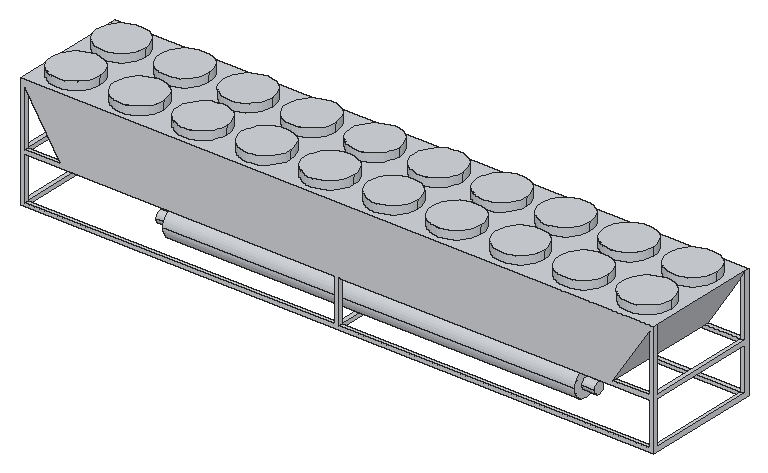
Revit family "9620c962552b4e1d903120876a5ca861", category Mechanical Equipment, Revit 2021
Family settings
  Round Connector Dimension = Use Radius
  Part Type = Normal
  OmniClass Number = 23.75.10.24.21.21.21
  OmniClass Title = Rotary-Screw Water Chillers
  Seek Item ID = Screw Chiller - Air Cooled - 400-500 Tons-0000-USA-ENU
  Work Plane-Based = No
  Always vertical = Yes
  Cut with Voids When Loaded = No
  Shared = No
  Room Calculation Point = No
Parameters (values of type "400 Tons")
  Voltage = 460 V
  Load Classification = Cooling
  Default Elevation = 0' - 0"
  Chilled Water Pressure Drop [instance] = 4.51 psi
  Number of Poles = 3
  Number of Fans = 20
  Length 1 = 8' - 9 179/256"
  Half Number of Fans = Number of Fans / 2  # 10
  Drain Flow [instance] = 0 GPM
  Chilled Water Supply Radius = Chilled Water Supply Diameter / 2  # 4"
  Chilled Water Supply Diameter = 8"
  Chilled Water Return Radius = Chilled Water Return Diameter / 2  # 4"
  Chilled Water Return Diameter = 8"
  Chilled Water Flow [instance] = 918 GPM
  Cold Capacity = 4599376 Btu/h
  Chiller Material = none
  Chiller Length = 39' - 2 7/32"
  C4 Offset 1 = 12' - 7 1/2"
  C2 Offset 3 = 4' - 5 37/128"
  C1 Offset 3 = 31' - 6 243/256"
  C1 Offset 2 = 1' - 5 59/64"
  C1 Offset 1 = 6' - 0 13/128"
  Apparent Load [instance] = 449400 VA
Types (3): name | Chilled Water Pressure Drop | Number of Fans | Length 1 | Half Number of Fans | Chilled Water Flow | Cold Capacity | Chiller Length | C4 Offset 1 | C2 Offset 3 | C1 Offset 3 | C1 Offset 1 | Apparent Load
  (no name) | 4.51 psi | 20 | 8' - 9 179/256" | 10 | 918 GPM | 4599376 Btu/h | 39' - 2 7/32" | 12' - 7 1/2" | 4' - 5 37/128" | 31' - 6 243/256" | 6' - 0 13/128" | 449400 VA
  400 Tons | 4.51 psi | 20 | 8' - 9 179/256" | 10 | 918 GPM | 4599376 Btu/h | 39' - 2 7/32" | 12' - 7 1/2" | 4' - 5 37/128" | 31' - 6 243/256" | 6' - 0 13/128" | 449400 VA
  450-500 Tons | 5.20 psi | 22 | 12' - 8 179/256" | 11 | 1096 GPM | 5491272.8 Btu/h | 43' - 1 67/256" | 16' - 6 69/128" | 6' - 11 159/256" | 35' - 6" | 6' - 1" | 549200 VA
Reference planes (in)
  plane 1 "Center (Front/Back)": y = 0
  plane 2: z = 0
  plane 3 "Center (Left/Right)": x = 0
  plane 4: y = -88.03906
  plane 5: x = 470.21875
  plane 6: z = 90.55078
  plane 7: x = 235.10938
  plane 8: y = -3
  plane 9: x = 467.21875
  plane 10: y = -85.03906
  plane 11: x = 3
  plane 12: x = 233.60938
  plane 13: x = 236.60938
  plane 14: z = 3
  plane 15: z = 35
  plane 16: z = 38
  plane 17: z = 84.55078
  plane 18: x = 30
  plane 19: x = 440.21875
  plane 20: x = 223.10938
  plane 21: x = 247.10938
  plane 22: x = 282.10938
  plane 23: x = 188.10938
  plane 24: z = 17.92187
  plane 25: y = -18
  plane 26: y = -72.10156
  plane 27: x = 416.92969
  plane 28: x = 406.92969
  plane 29: x = 91.26953
  plane 30: x = 101.26953
  plane 31: z = 5
  plane 32: x = 105.69922
  plane 33: x = 175.69922
  plane 34: x = 259.69922
  plane 35: x = 339.69922
  plane 36: y = -8
  plane 37: x = 103.26953
  plane 38: z = 6.9329
  plane 39: x = 318.71875
  plane 40: z = 6
  plane 41: x = 23
  plane 42: y = -23
  plane 43: x = 447.21875
Forms (in)
  Extrusion 1, solid, material <- "Chiller Material"
    sketch origin (0, 0, 0) x (1, 0, 0) y (0, 1, 0)
      loop
        line (0, 0) -> (0, -88.03906) -> (470.21875, -88.03906) -> (470.21875, 0) -> (0, 0)
      loop
        line (3, -3) -> (3, -85.03906) -> (233.60938, -85.03906) -> (233.60938, -3) -> (3, -3)
      loop
        line (236.60938, -3) -> (236.60938, -85.03906) -> (467.21875, -85.03906) -> (467.21875, -3) -> (236.60938, -3)
    from 0 to 3
  Extrusion 2, solid, material <- "Chiller Material"
    sketch origin (0, 0, 0) x (1, 0, 0) y (0, 1, 0)
      loop
        line (0, 0) -> (0, -88.03906) -> (470.21875, -88.03906) -> (470.21875, 0) -> (0, 0)
      loop
        line (3, -3) -> (3, -85.03906) -> (233.60938, -85.03906) -> (233.60938, -3) -> (3, -3)
      loop
        line (236.60938, -3) -> (236.60938, -85.03906) -> (467.21875, -85.03906) -> (467.21875, -3) -> (236.60938, -3)
    from 35 to 38
  Extrusion 3, solid, material <- "Chiller Material"
    sketch origin (0, 0, 0) x (1, 0, 0) y (0, 1, 0)
      loop
        line (0, 0) -> (0, -3) -> (3, -3) -> (3, 0) -> (0, 0)
      loop
        line (0, -85.03906) -> (0, -88.03906) -> (3, -88.03906) -> (3, -85.03906) -> (0, -85.03906)
      loop
        line (233.60938, -85.03906) -> (233.60938, -88.03906) -> (236.60938, -88.03906) -> (236.60938, -85.03906) -> (233.60938, -85.03906)
      loop
        line (233.60938, 0) -> (233.60938, -3) -> (236.60938, -3) -> (236.60938, 0) -> (233.60938, 0)
      loop
        line (467.21875, 0) -> (467.21875, -3) -> (470.21875, -3) -> (470.21875, 0) -> (467.21875, 0)
      loop
        line (467.21875, -85.03906) -> (467.21875, -88.03906) -> (470.21875, -88.03906) -> (470.21875, -85.03906) -> (467.21875, -85.03906)
    from 0 to 84.55078
  Extrusion 4, solid, material <- "Chiller Material"
    sketch origin (0, 0, 0) x (1, 0, 0) y (0, 0, 1)
      loop
        line (470.21875, 84.55078) -> (0, 84.55078) -> (30, 38) -> (440.21875, 38) -> (470.21875, 84.55078)
    from 0 to 88.03906
  Extrusion 5, solid, material <- "Chiller Material"
    sketch origin (0, 0, 0) x (0, 1, 0) y (0, 0, 1)
      loop
        circle (-18, 17.92187) r 8
    from 188.10937 to 223.10937
  Extrusion 6, solid, material <- "Chiller Material"
    sketch origin (0, 0, 0) x (0, 1, 0) y (0, 0, 1)
      loop
        circle (-18, 17.92187) r 8
    from 247.10938 to 282.10937
  Extrusion 7, solid, material <- "Chiller Material"
    sketch origin (0, 0, 0) x (0, 1, 0) y (0, 0, 1)
      loop
        circle (-72.10156, 17.92187) r 10
    from 101.26953 to 406.92969
  Extrusion 8, solid, material <- "Chiller Material"
    sketch origin (0, 0, 0) x (0, 1, 0) y (0, 0, 1)
      loop
        circle (-72.10156, 17.92187) r 4
    from 91.26953 to 101.26953
  Extrusion 9, solid, material <- "Chiller Material"
    sketch origin (0, 0, 0) x (0, 1, 0) y (0, 0, 1)
      loop
        circle (-72.10156, 17.92187) r 4
    from 406.92969 to 416.92969
  Extrusion 10, solid, material <- "Chiller Material"
    sketch origin (0, 0, 0) x (1, 0, 0) y (0, 0, 1)
      loop
        line (105.69922, 35) -> (105.69922, 5) -> (175.69922, 5) -> (175.69922, 35) -> (105.69922, 35)
      loop
        line (259.69922, 35) -> (259.69922, 5) -> (339.69922, 5) -> (339.69922, 35) -> (259.69922, 35)
    from 0 to 8
  Extrusion 11, solid, material <- "Chiller Material"
    sketch origin (0, 0, 0) x (1, 0, 0) y (0, 1, 0)
      loop
        circle (103.26953, -72.10156) r 0.1875
    from 6.9329 to 17.92187
  Extrusion 12, solid, material <- "Chiller Material"
    sketch origin (0, 0, 0) x (1, 0, 0) y (0, 0, 1)
      loop
        circle (318.71875, 6) r 0.5
    from 0 to 8
Cuts and joins
  joined: Extrusion 1, Extrusion 2, Extrusion 3, Extrusion 4, Extrusion 5, Extrusion 6, Extrusion 7, Extrusion 8, Extrusion 9, Extrusion 10, Extrusion 11, Extrusion 12
Dimensions and locks (in)
  locked: plane 1 "Center (Front/Back)" to plane 4 at 88.03906
  "Chiller Length": plane 5 to plane 3 "Center (Left/Right)"
  locked: plane 6 to plane 2 at 90.55078
  equal spacing: plane 5, plane 7, plane 3 "Center (Left/Right)"
  locked: plane 3 "Center (Left/Right)" to plane 11 at 3
  locked: plane 1 "Center (Front/Back)" to plane 8 at 3
  locked: plane 4 to plane 10 at 3
  locked: plane 9 to plane 5 at 3
  locked: plane 12 to plane 7 at 1.5
  locked: plane 7 to plane 13 at 1.5
  locked: plane 14 to plane 2 at 3
  locked: plane 15 to plane 2 at 35
  locked: plane 6 to plane 17 at 6
  locked: plane 16 to plane 15 at 3
  locked: plane 18 to plane 3 "Center (Left/Right)" at 30
  locked: plane 5 to plane 19 at 30
  locked: plane 7 to plane 20 at 12
  locked: plane 21 to plane 7 at 12
  locked: plane 22 to plane 21 at 35
  locked: plane 20 to plane 23 at 35
  "C1 Offset 2": plane 24 to plane 2
  locked: plane 25 to plane 8 at 15
  "C1 Offset 1": plane 26 to plane 1 "Center (Front/Back)"
  "C2 Offset 3": plane 27 to plane 5
  locked: plane 28 to plane 27 at 10
  "C1 Offset 3": plane 29 to plane 5
  locked: plane 29 to plane 30 at 10
  locked: plane 31 to plane 14 at 2
  "Length 1": plane 32 to plane 3 "Center (Left/Right)"
  locked: plane 33 to plane 32 at 70
  locked: plane 34 to plane 33 at 84
  locked: plane 35 to plane 34 at 80
  locked: plane 1 "Center (Front/Back)" to plane 36 at 8
  locked: plane 30 to plane 37 at 2
  locked: plane 24 to plane 38 at 10.98897
  "C4 Offset 1": plane 5 to plane 39
  locked: plane 40 to plane 14 at 3
  locked: plane 3 "Center (Left/Right)" to plane 41 at 23
  locked: plane 1 "Center (Front/Back)" to plane 42 at 23
  locked: plane 43 to plane 5 at 23
  equal spacing: group 1, group 3, group 4, group 5, group 6, group 7, group 8, group 9, group 10, group 2  (x3)
  radius of Extrusion 5 sketch curve = 0' - 8"
  radius of Extrusion 6 sketch curve = 0' - 8"
  radius of Extrusion 7 sketch curve = 0' - 10"
  "Chilled Water Supply Radius": radius of Extrusion 8 sketch curve
  "Chilled Water Return Radius": radius of Extrusion 9 sketch curve
  radius of Extrusion 11 sketch curve = 0' - 0 3/16"
  radius of Extrusion 12 sketch curve = 0' - 0 1/2"
  aligned and locked: plane 4 to Extrusion 1 sketch curve
  aligned and locked: plane 3 "Center (Left/Right)" to Extrusion 1 sketch curve
  aligned and locked: plane 1 "Center (Front/Back)" to Extrusion 1 sketch curve
  aligned and locked: Extrusion 1 sketch curve to plane 5
  aligned and locked: Extrusion 1 sketch curve to plane 8  (x2)
  aligned and locked: plane 13 to Extrusion 1 sketch curve
  aligned and locked: Extrusion 1 sketch curve to plane 10  (x2)
  aligned and locked: Extrusion 1 sketch curve to plane 9
  aligned and locked: Extrusion 1 sketch curve to plane 12
  aligned and locked: plane 11 to Extrusion 1 sketch curve
  aligned and locked: Extrusion 1 to plane 2
  aligned and locked: plane 14 to Extrusion 1
  aligned and locked: plane 1 "Center (Front/Back)" to Extrusion 2 sketch curve
  aligned and locked: Extrusion 2 sketch curve to plane 5
  aligned and locked: plane 4 to Extrusion 2 sketch curve
  aligned and locked: plane 3 "Center (Left/Right)" to Extrusion 2 sketch curve
  aligned and locked: Extrusion 2 sketch curve to plane 8  (x2)
  aligned and locked: plane 11 to Extrusion 2 sketch curve
  aligned and locked: Extrusion 2 sketch curve to plane 12
  aligned and locked: plane 13 to Extrusion 2 sketch curve
  aligned and locked: Extrusion 2 sketch curve to plane 9
  aligned and locked: Extrusion 2 sketch curve to plane 10
  aligned and locked: Extrusion 2 to plane 15
  aligned and locked: plane 16 to Extrusion 2
  aligned and locked: plane 8 to Extrusion 3 sketch curve  (x3)
  aligned and locked: plane 1 "Center (Front/Back)" to Extrusion 3 sketch curve  (x3)
  aligned and locked: Extrusion 3 sketch curve to plane 5  (x2)
  aligned and locked: plane 9 to Extrusion 3 sketch curve  (x2)
  aligned and locked: Extrusion 3 sketch curve to plane 13  (x2)
  aligned and locked: plane 12 to Extrusion 3 sketch curve  (x2)
  aligned and locked: Extrusion 3 sketch curve to plane 11  (x2)
  aligned and locked: plane 3 "Center (Left/Right)" to Extrusion 3 sketch curve  (x2)
  aligned and locked: plane 4 to Extrusion 3 sketch curve  (x3)
  aligned and locked: plane 10 to Extrusion 3 sketch curve  (x3)
  aligned and locked: Extrusion 3 to plane 2
  aligned and locked: plane 17 to Extrusion 3
  aligned and locked: plane 16 to Extrusion 4 sketch curve  (x2)
  aligned and locked: plane 18 to Extrusion 4 sketch curve
  aligned and locked: plane 17 to Extrusion 4 sketch curve  (x2)
  aligned and locked: plane 5 to Extrusion 4 sketch curve
  aligned and locked: plane 3 "Center (Left/Right)" to Extrusion 4 sketch curve
  aligned and locked: plane 19 to Extrusion 4 sketch curve
  aligned and locked: Extrusion 4 to plane 4
  aligned and locked: Extrusion 4 to plane 1 "Center (Front/Back)"
  aligned and locked: plane 24 to Extrusion 5 sketch curve
  aligned and locked: plane 25 to Extrusion 5 sketch curve
  aligned and locked: plane 20 to Extrusion 5
  aligned and locked: Extrusion 5 to plane 23
  aligned and locked: plane 24 to Extrusion 6 sketch curve
  aligned and locked: plane 25 to Extrusion 6 sketch curve
  aligned and locked: plane 22 to Extrusion 6
  aligned and locked: Extrusion 6 to plane 21
  aligned and locked: plane 24 to Extrusion 7 sketch curve
  aligned and locked: plane 26 to Extrusion 7 sketch curve
  aligned and locked: plane 28 to Extrusion 7
  aligned and locked: Extrusion 7 to plane 30
  aligned and locked: plane 24 to Extrusion 8 sketch curve
  aligned and locked: plane 26 to Extrusion 8 sketch curve
  aligned and locked: plane 30 to Extrusion 8
  aligned and locked: Extrusion 8 to plane 29
  aligned and locked: plane 24 to Extrusion 9 sketch curve
  aligned and locked: plane 26 to Extrusion 9 sketch curve
  aligned and locked: plane 27 to Extrusion 9
  aligned and locked: Extrusion 9 to plane 28
  aligned and locked: Extrusion 10 sketch curve to plane 33
  aligned and locked: Extrusion 10 sketch curve to plane 15  (x2)
  aligned and locked: plane 32 to Extrusion 10 sketch curve
  aligned and locked: plane 31 to Extrusion 10 sketch curve  (x2)
  aligned and locked: Extrusion 10 sketch curve to plane 35
  aligned and locked: plane 34 to Extrusion 10 sketch curve
  aligned and locked: Extrusion 10 to plane 36
  aligned and locked: Extrusion 10 to plane 1 "Center (Front/Back)"
  aligned and locked: plane 26 to Extrusion 11 sketch curve
  aligned and locked: plane 37 to Extrusion 11 sketch curve
  aligned and locked: plane 24 to Extrusion 11
  aligned and locked: Extrusion 11 to plane 38
  aligned and locked: plane 40 to Extrusion 12 sketch curve
  aligned and locked: plane 39 to Extrusion 12 sketch curve
  aligned and locked: Extrusion 12 to plane 1 "Center (Front/Back)"
  aligned and locked: Extrusion 12 to plane 36
  aligned and locked: plane 42 to nested 1
  aligned and locked: plane 41 to nested 1
  aligned and locked: nested 1 to plane 17
  aligned and locked: plane 42 to nested 2
  aligned and locked: nested 2 to plane 43
Automatic sketch dimensions
  Extrusion 2 sketch curve to plane 10 = 0' - 0"
Nested families (in)
  nested 1: "400-500 Tons Air Cooled Screw Chiller_Fan" at (0, 0, 84.55078), type "80-350 Tons Air Cooled Screw Chiller_Fan"
  nested 2: "400-500 Tons Air Cooled Screw Chiller_Fan" at (424.21875, 0, 84.55078), type "80-350 Tons Air Cooled Screw Chiller_Fan"
  nested 3: "400-500 Tons Air Cooled Screw Chiller_Fan" at (47.13542, 0, 84.55078), type "80-350 Tons Air Cooled Screw Chiller_Fan"
  nested 4: "400-500 Tons Air Cooled Screw Chiller_Fan" at (94.27083, 0, 84.55078), type "80-350 Tons Air Cooled Screw Chiller_Fan"
  nested 5: "400-500 Tons Air Cooled Screw Chiller_Fan" at (141.40625, 0, 84.55078), type "80-350 Tons Air Cooled Screw Chiller_Fan"
  nested 6: "400-500 Tons Air Cooled Screw Chiller_Fan" at (188.54167, 0, 84.55078), type "80-350 Tons Air Cooled Screw Chiller_Fan"
  nested 7: "400-500 Tons Air Cooled Screw Chiller_Fan" at (235.67708, 0, 84.55078), type "80-350 Tons Air Cooled Screw Chiller_Fan"
  nested 8: "400-500 Tons Air Cooled Screw Chiller_Fan" at (282.8125, 0, 84.55078), type "80-350 Tons Air Cooled Screw Chiller_Fan"
  nested 9: "400-500 Tons Air Cooled Screw Chiller_Fan" at (329.94792, 0, 84.55078), type "80-350 Tons Air Cooled Screw Chiller_Fan"
  nested 10: "400-500 Tons Air Cooled Screw Chiller_Fan" at (377.08333, 0, 84.55078), type "80-350 Tons Air Cooled Screw Chiller_Fan"
Connectors (in)
  piping at (416.92969, -72.10156, 17.92187), diameter 8, driven by "Chilled Water Flow", driven by "Chilled Water Return Radius"
    settings: on cut or joined group 1 (Extrusion 1, Extrusion 2, Extrusion 3, Extrusion 4, Extrusion 5, Extrusion 6, Extrusion 7, Extrusion 8, Extrusion 9, Extrusion 10, Extrusion 11, Extrusion 12), index 1, connector inside diameter 8", connector length 0' - 0", flow factor 0, pipe flow 918 GPM, pressure drop 0.00 psi, fitting loss kfactor 0, connector angle 0.00°, fixture units 0, engagement length 0' - 0", angle of deflection 0.00°, flow configuration 0, flow direction 1, fitting loss method 4, system type 8, joint type 0, gender type 0, connector reference index 2, connector utility 0, adjustable connector no, is connector primary yes, connector description "Chilled Water In"
  piping at (91.26953, -72.10156, 17.92187), diameter 8, driven by "Chilled Water Flow", driven by "Chilled Water Pressure Drop", driven by "Chilled Water Supply Radius"
    settings: on cut or joined group 1, index 2, connector inside diameter 8", connector length 0' - 0", flow factor 0, pipe flow 918 GPM, pressure drop 4.51 psi, fitting loss kfactor 0, connector angle 0.00°, fixture units 0, engagement length 0' - 0", angle of deflection 0.00°, flow configuration 0, flow direction 2, fitting loss method 4, system type 7, joint type 0, gender type 0, connector reference index 1, connector utility 0, adjustable connector no, is connector primary no, connector description "Chilled Water Out"
  piping at (103.26953, -72.10156, 6.9329), diameter 0.375, driven by "Drain Flow"
    settings: on cut or joined group 1, index 3, connector inside diameter 3/8", connector length 0' - 0", flow factor 0, pipe flow 0 GPM, pressure drop 0.00 psi, fitting loss kfactor 0, connector angle 0.00°, fixture units 0, engagement length 0' - 0", angle of deflection 0.00°, flow configuration 1, flow direction 2, fitting loss method 0, system type 16, joint type 0, gender type 0, connector reference index -1, connector utility 0, adjustable connector no, is connector primary no, connector description "Drain Out"
  electrical at (318.71875, 0, 6), driven by "Voltage", driven by "Number of Poles", driven by "Apparent Load", driven by "Load Classification"
    settings: on cut or joined group 1, index 4, voltage 460 V, apparent load 449400 VA, apparent load phase1 0 VA, apparent load phase2 0 VA, apparent load phase3 0 VA, power factor 0.8, load classification "Cooling", number of poles 3, system type 30, power factor state 1, is connector primary yes, connector utility no, sub classification motor no, connector description ""
Definition of nested family "400-500 Tons Air Cooled Screw Chiller_Fan"
  Parameters
    Default Elevation = 0' - 0"
    Chiller Material = none
  Reference planes (in)
    plane 1 "Center (Front/Back)": y = 0
    plane 2: z = 0
    plane 3 "Center (Left/Right)": x = 0
    plane 4: y = -88.03125
    plane 5: x = 23
    plane 6: y = -23
    plane 7: y = -65.03125
    plane 8: z = 6
  Forms (in)
    Extrusion 1, solid, material <- "Chiller Material"
      sketch origin (0, 0, 0) x (1, 0, 0) y (0, 1, 0)
        loop
          circle (23, -23) r 18
        loop
          circle (23, -65.03125) r 18
      from 0 to 6
  Dimensions and locks (in)
    locked: plane 1 "Center (Front/Back)" to plane 4 at 88.03125
    locked: plane 3 "Center (Left/Right)" to plane 5 at 23
    locked: plane 1 "Center (Front/Back)" to plane 6 at 23
    locked: plane 7 to plane 4 at 23
    locked: plane 8 to plane 2 at 6
    radius of Extrusion 1 sketch curve = 1' - 6"  (x2)
    aligned and locked: plane 6 to Extrusion 1 sketch curve
    aligned and locked: plane 5 to Extrusion 1 sketch curve  (x2)
    aligned and locked: plane 7 to Extrusion 1 sketch curve
    aligned and locked: Extrusion 1 to plane 2
    aligned and locked: plane 8 to Extrusion 1
